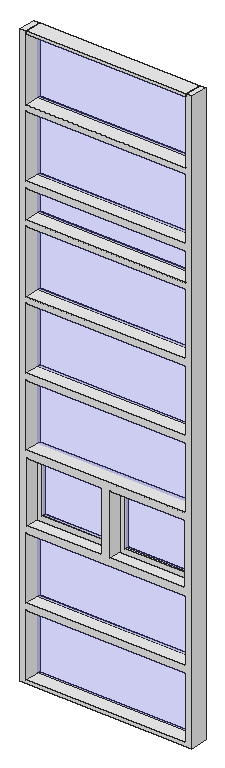
Revit family
Parameters
  창 패널 = ACW1 창 패널
  창 프레임 = ACW1 창 프레임
  Rough Height = 500 mm
  높이 1 = 2 * 절반  # 600 mm
  Height = 5100 mm
  절반 = Height / 17  # 300 mm
  기본 씰 높이 = 0 mm
  Wall Closure = (empty or 0)
  Width = 1500 mm
  창 두께 = 150 mm
Reference planes
  plane 1: y = 0
  plane 2 "중심(왼쪽/오른쪽)": x = 0
  plane 3 "왼쪽": x = -750
  plane 4 "오른쪽": x = 750
  plane 5 "씰": z = 0
  plane 6 "외부": y = 100
  plane 7 "내부": y = -100
  plane 8: z = 4500
  plane 9: z = 3900
  plane 10: z = 3600
  plane 11: z = 3000
  plane 12: z = 2400
  plane 13: z = 1800
  plane 14: z = 1200
  plane 15: z = 600
  plane 16: y = -75
  plane 17: y = 75
  plane 18: y = 66
  plane 19: y = 44
  plane 20: y = 35
  plane 21: x = -700
  plane 22: x = 700
  plane 23: z = 575
  plane 24: z = 625
  plane 25: z = 1175
  plane 26: z = 1225
  plane 27: z = 1775
  plane 28: z = 1825
  plane 29: z = 2375
  plane 30: z = 2425
  plane 31: z = 3025
  plane 32: z = 2975
  plane 33: z = 3575
  plane 34: z = 3625
  plane 35: z = 3875
  plane 36: z = 3925
  plane 37: z = 4475
  plane 38: z = 4525
  plane 39: z = 25
  plane 40: z = 5075
  plane 41: x = -25
  plane 42: x = 25
  plane 43: x = 362.5
  plane 44: x = -362.5
  plane 45: z = 5100
Forms (mm)
  Extrusion 1, solid, material "ACW1 창 프레임" <- "창 프레임"
    sketch origin (-2165.69, 265, 1175) x (0, 1, 0) y (1, 0, 0)
      loop
        line (-190, 2865.69) -> (-340, 2865.69) -> (-340, 1465.69) -> (-190, 1465.69) -> (-190, 2865.69)
    from 0 to -50
  Extrusion 2, solid, material "ACW1 창 프레임" <- "창 프레임"
    sketch origin (-2165.69, 265, 575) x (0, 1, 0) y (1, 0, 0)
      loop
        line (-190, 2865.69) -> (-340, 2865.69) -> (-340, 1465.69) -> (-190, 1465.69) -> (-190, 2865.69)
    from 0 to -50
  Extrusion 3, solid, material "ACW1 창 프레임" <- "창 프레임"
    sketch origin (-2165.69, 265, 1775) x (0, 1, 0) y (1, 0, 0)
      loop
        line (-190, 2865.69) -> (-340, 2865.69) -> (-340, 1465.69) -> (-190, 1465.69) -> (-190, 2865.69)
    from 0 to -50
  Extrusion 4, solid, material "ACW1 창 프레임" <- "창 프레임"
    sketch origin (-2165.69, 265, 2375) x (0, 1, 0) y (1, 0, 0)
      loop
        line (-190, 2865.69) -> (-340, 2865.69) -> (-340, 1465.69) -> (-190, 1465.69) -> (-190, 2865.69)
    from 0 to -50
  Extrusion 5, solid, material "ACW1 창 프레임" <- "창 프레임"
    sketch origin (-2165.69, 265, 2975) x (0, 1, 0) y (1, 0, 0)
      loop
        line (-190, 2865.69) -> (-340, 2865.69) -> (-340, 1465.69) -> (-190, 1465.69) -> (-190, 2865.69)
    from 0 to -50
  Extrusion 6, solid, material "ACW1 창 프레임" <- "창 프레임"
    sketch origin (-2165.69, 265, 3575) x (0, 1, 0) y (1, 0, 0)
      loop
        line (-190, 2865.69) -> (-340, 2865.69) -> (-340, 1465.69) -> (-190, 1465.69) -> (-190, 2865.69)
    from 0 to -50
  Extrusion 7, solid, material "ACW1 창 프레임" <- "창 프레임"
    sketch origin (-2165.69, 265, 3875) x (0, 1, 0) y (1, 0, 0)
      loop
        line (-190, 2865.69) -> (-340, 2865.69) -> (-340, 1465.69) -> (-190, 1465.69) -> (-190, 2865.69)
    from 0 to -50
  Extrusion 8, solid, material "ACW1 창 프레임" <- "창 프레임"
    sketch origin (-2165.69, 265, 4475) x (0, 1, 0) y (1, 0, 0)
      loop
        line (-190, 2865.69) -> (-340, 2865.69) -> (-340, 1465.69) -> (-190, 1465.69) -> (-190, 2865.69)
    from 0 to -50
  Extrusion 9, solid, material "ACW1 창 패널" <- "창 패널"
    sketch origin (0, 0, 0) x (1, 0, 0) y (0, 1, 0)
      loop
        line (-700, 66) -> (-700, 44) -> (700, 44) -> (700, 66) -> (-700, 66)
    from 25 to 575
  Extrusion 10, solid, material "ACW1 창 패널" <- "창 패널"
    sketch origin (0, 0, 575) x (1, 0, 0) y (0, 1, 0)
      loop
        line (-700, 66) -> (-700, 44) -> (700, 44) -> (700, 66) -> (-700, 66)
    from 50 to 600
  Extrusion 11, solid, material "ACW1 창 패널" <- "창 패널"
    sketch origin (0, 0, 1775) x (1, 0, 0) y (0, 1, 0)
      loop
        line (-700, 66) -> (-700, 44) -> (700, 44) -> (700, 66) -> (-700, 66)
    from 0 to 600
  Extrusion 12, solid, material "ACW1 창 패널" <- "창 패널"
    sketch origin (0, 0, 2375) x (1, 0, 0) y (0, 1, 0)
      loop
        line (-700, 66) -> (-700, 44) -> (700, 44) -> (700, 66) -> (-700, 66)
    from 50 to 600
  Extrusion 13, solid, material "ACW1 창 패널" <- "창 패널"
    sketch origin (0, 0, 2975) x (1, 0, 0) y (0, 1, 0)
      loop
        line (-700, 66) -> (-700, 44) -> (700, 44) -> (700, 66) -> (-700, 66)
    from 50 to 600
  Extrusion 14, solid, material "ACW1 창 패널" <- "창 패널"
    sketch origin (0, 0, 3575) x (1, 0, 0) y (0, 1, 0)
      loop
        line (-700, 66) -> (-700, 44) -> (700, 44) -> (700, 66) -> (-700, 66)
    from 50 to 300
  Extrusion 15, solid, material "ACW1 창 패널" <- "창 패널"
    sketch origin (0, 0, 3875) x (1, 0, 0) y (0, 1, 0)
      loop
        line (-700, 66) -> (-700, 44) -> (700, 44) -> (700, 66) -> (-700, 66)
    from 50 to 600
  Extrusion 16, solid, material "ACW1 창 패널" <- "창 패널"
    sketch origin (0, 0, 4475) x (1, 0, 0) y (0, 1, 0)
      loop
        line (-700, 66) -> (-700, 44) -> (700, 44) -> (700, 66) -> (-700, 66)
    from 50 to 600
  Extrusion 17, solid, material "ACW1 창 프레임" <- "창 프레임"
    sketch origin (0, 0, 0) x (1, 0, 0) y (0, 1, 0)
      loop
        line (-750, 75) -> (-750, -75) -> (-700, -75) -> (-700, 75) -> (-750, 75)
      loop
        line (700, 75) -> (700, -75) -> (750, -75) -> (750, 75) -> (700, 75)
    from 0 to 5100
  Extrusion 18, solid, material "ACW1 창 프레임" <- "창 프레임"
    sketch origin (-2165.69, 265, 0) x (0, 1, 0) y (1, 0, 0)
      loop
        line (-190, 2865.69) -> (-340, 2865.69) -> (-340, 1465.69) -> (-190, 1465.69) -> (-190, 2865.69)
    from 0 to -25
  Extrusion 19, solid, material "ACW1 창 프레임" <- "창 프레임"
    sketch origin (-2165.69, 265, 5050) x (0, 1, 0) y (1, 0, 0)
      loop
        line (-190, 2865.69) -> (-340, 2865.69) -> (-340, 1465.69) -> (-190, 1465.69) -> (-190, 2865.69)
    from -25 to -50
  Extrusion 20, solid, material "ACW1 창 프레임" <- "창 프레임"
    sketch origin (-2165.69, 265, 1225) x (0, 1, 0) y (1, 0, 0)
      loop
        line (-190, 2140.69) -> (-190, 2190.69) -> (-340, 2190.69) -> (-340, 2140.69) -> (-190, 2140.69)
    from 0 to -550
  Sweep 21, solid, material "ACW1 창 프레임" <- "창 프레임"
    path origin (-700, 75, 0) x (1, 0, 0) y (0, 0, -1)
      loop
        line (675, -1775) -> (675, -1225) -> (0, -1225) -> (0, -1775) -> (675, -1775)
    profile origin (-362.5, 75, 1775) x (0, 0, 1) y (0, 1, 0)
      loop
        line (0, 0) -> (-50, 0) -> (-50, -40) -> (0, -40) -> (0, 0)
  Sweep 22, solid, material "ACW1 창 프레임" <- "창 프레임"
    path origin (-700, 75, 0) x (1, 0, 0) y (0, 0, -1)
      loop
        line (1400, -1775) -> (1400, -1225) -> (725, -1225) -> (725, -1775) -> (1400, -1775)
    profile origin (362.5, 75, 1775) x (0, 0, 1) y (0, 1, 0)
      loop
        line (0, 0) -> (-50, 0) -> (-50, -40) -> (0, -40) -> (0, 0)
  Extrusion 23, solid, material "ACW1 창 패널" <- "창 패널"
    sketch origin (-2165.69, 265, 1225) x (0, 1, 0) y (1, 0, 0)
      loop
        line (-199, 1515.69) -> (-199, 2090.69) -> (-221, 2090.69) -> (-221, 1515.69) -> (-199, 1515.69)
      loop
        line (-199, 2240.69) -> (-199, 2815.69) -> (-221, 2815.69) -> (-221, 2240.69) -> (-199, 2240.69)
    from -50 to -500
  Sweep 24, solid, material "ACW1 창 프레임" <- "창 프레임"
    path origin (-25, 35, 1775) x (-1, 0, 0) y (0, 0, -1)
      loop
        line (0, 0) -> (675, 0) -> (675, 550) -> (0, 550) -> (0, 0)
    profile origin (-362.5, 35, 1775) x (0, 0, -1) y (0, -1, 0)
      loop
        line (0, 0) -> (10, 0) -> (10, 110) -> (0, 110) -> (0, 0)
  Sweep 25, solid, material "ACW1 창 프레임" <- "창 프레임"
    path origin (-25, 35, 1775) x (-1, 0, 0) y (0, 0, -1)
      loop
        line (-725, 0) -> (-50, 0) -> (-50, 550) -> (-725, 550) -> (-725, 0)
    profile origin (362.5, 35, 1775) x (0, 0, -1) y (0, -1, 0)
      loop
        line (0, 0) -> (10, 0) -> (10, 110) -> (0, 110) -> (0, 0)
Cuts and joins
  joined: Extrusion 1, Extrusion 2, Extrusion 3, Extrusion 4, Extrusion 5, Extrusion 6, Extrusion 7, Extrusion 8, Extrusion 17, Extrusion 18, Extrusion 20, Sweep 24, Sweep 25
Lines and regions (mm)
  Opening 1
    outline origin (3500, -100, 0) x (1, 0, 0) y (0, 0, 1)
      loop
        line (-2750, 0) -> (-2750, 5100) -> (-4250, 5100) -> (-4250, 0) -> (-2750, 0)
  symbolic lines, style "입면도 스윙"
    curve 1: line (700, 35, 1225) -> (362.5, 35, 1775)
    curve 2: line (362.5, 35, 1775) -> (25, 35, 1225)
    curve 3: line (-25, 35, 1225) -> (-362.5, 35, 1775)
    curve 4: line (-362.5, 35, 1775) -> (-700, 35, 1225)
Text (mm)
  text "외부" at (-1963.203, 1332.353, 0), in view "참조 레벨"
  text "내부" at (-1981.466, -818.386, 0), in view "참조 레벨"
  text "외부" at (0, 923.751, 2943.296), in view "오른쪽"
  text "외부" at (0, 1040.484, 2685.409), in view "왼쪽"
Dimensions and locks
  equal spacing: plane 3 "왼쪽", plane 2 "중심(왼쪽/오른쪽)", plane 4 "오른쪽"
  "Width": plane 3 "왼쪽" to plane 4 "오른쪽"
  "기본 씰 높이": plane 5 "씰" to level
  locked: plane 6 "외부" to host wall at 0
  locked: plane 7 "내부" to host wall
  "창 두께": plane 17 to plane 16
  equal spacing: plane 17, plane 1, plane 16
  plane 17 to plane 18 to plane 19 to plane 20 = 9 mm locked, 22 mm locked, 9 mm locked
  locked: plane 3 "왼쪽" to plane 21 at 50
  locked: plane 22 to plane 4 "오른쪽" at 50
  plane 41 to plane 2 "중심(왼쪽/오른쪽)" to plane 42 = 25 mm locked, 25 mm locked
  locked: cut or joined group 1 (Extrusion 1, Extrusion 2, Extrusion 3, Extrusion 4, Extrusion 5, Extrusion 6, Extrusion 7, Extrusion 8, Extrusion 17, Extrusion 18, Extrusion 20, Sweep 24, Sweep 25) to Sweep 21 sketch curve at 50
  equal spacing: plane 42, plane 43, plane 22
  equal spacing: plane 41, plane 44, plane 21
  locked: plane 5 "씰" to plane 39 at 25
  "높이 1": plane 5 "씰" to plane 15
  plane 23 to plane 15 to plane 24 = 25 mm locked, 25 mm locked
  "Height": plane 5 "씰" to plane 45
  locked: plane 40 to plane 45 at 25
  plane 25 to plane 14 to plane 26 = 25 mm locked, 25 mm locked
  "높이 1": plane 15 to plane 14
  "높이 1": plane 14 to plane 13
  plane 27 to plane 13 to plane 28 = 25 mm locked, 25 mm locked
  plane 29 to plane 12 to plane 30 = 25 mm locked, 25 mm locked
  "높이 1": plane 13 to plane 12
  "높이 1": plane 12 to plane 11
  plane 32 to plane 11 to plane 31 = 25 mm locked, 25 mm locked
  "높이 1": plane 11 to plane 10
  plane 33 to plane 10 to plane 34 = 25 mm locked, 25 mm locked
  plane 35 to plane 9 to plane 36 = 25 mm locked, 25 mm locked
  "절반": plane 10 to plane 9
  "높이 1": plane 9 to plane 8
  plane 37 to plane 8 to plane 38 = 25 mm locked, 25 mm locked
  aligned and locked: Extrusion 9 to plane 23
  aligned and locked: Extrusion 10 to plane 25
  aligned and locked: plane 3 "왼쪽" to Extrusion 17 sketch curve
  aligned and locked: Extrusion 17 sketch curve to plane 17
  aligned and locked: plane 16 to Extrusion 17 sketch curve
  aligned and locked: plane 4 "오른쪽" to Extrusion 17 sketch curve
  aligned and locked: Extrusion 17 to host wall
  aligned and locked: Extrusion 19 to host wall
  aligned and locked: plane 40 to Extrusion 19
  aligned and locked: Extrusion 9 to plane 39
  aligned and locked: plane 41 to Extrusion 20 sketch curve
  aligned and locked: plane 17 to Extrusion 20 sketch curve
  aligned and locked: plane 16 to Extrusion 20 sketch curve
  aligned and locked: plane 42 to Extrusion 20 sketch curve
  aligned and locked: Extrusion 20 to plane 27
  aligned and locked: Sweep 21 sketch curve to Extrusion 20
  aligned and locked: Extrusion 20 to Sweep 21 sketch curve
  aligned and locked: cut or joined group 1 to Sweep 21 sketch curve  (x2)
  aligned and locked: Sweep 21 sketch curve to cut or joined group 1
  aligned and locked: Sweep 22 sketch curve to cut or joined group 1  (x3)
  aligned and locked: Sweep 22 sketch curve to Sweep 21  (x2)
  aligned and locked: Extrusion 23 sketch curve to Sweep 21  (x2)
  aligned and locked: plane 18 to Extrusion 23 sketch curve  (x2)
  aligned and locked: plane 19 to Extrusion 23 sketch curve  (x2)
  aligned and locked: Extrusion 23 sketch curve to Sweep 22  (x2)
  aligned and locked: Sweep 21 to Extrusion 23
  aligned and locked: Extrusion 23 to Sweep 21
  aligned and locked: Sweep 25 sketch curve to Sweep 22
  aligned and locked: plane 22 to Sweep 22 sketch curve
  aligned and locked: Extrusion 17 sketch curve to plane 22
  aligned and locked: Sweep 22 sketch curve to plane 26
  aligned and locked: plane 27 to Sweep 22 sketch curve
  aligned and locked: plane 21 to Extrusion 17 sketch curve
  aligned and locked: plane 22 to curve 1
  aligned and locked: plane 42 to curve 2
  aligned and locked: plane 41 to curve 3
  aligned and locked: plane 44 to curve 3
  aligned and locked: plane 21 to curve 4
  aligned and locked: Extrusion 16 to plane 40
  aligned and locked: plane 5 "씰" to cut or joined group 1  (x2)
  aligned and locked: cut or joined group 1 to plane 24
  aligned and locked: plane 23 to cut or joined group 1
  aligned and locked: plane 24 to Extrusion 10
  aligned and locked: plane 45 to host wall
  aligned and locked: plane 39 to cut or joined group 1
  aligned and locked: cut or joined group 1 to plane 26
  aligned and locked: plane 25 to cut or joined group 1
  aligned and locked: cut or joined group 1 to plane 28
  aligned and locked: plane 27 to Extrusion 11
  aligned and locked: plane 27 to cut or joined group 1
  aligned and locked: cut or joined group 1 to plane 30
  aligned and locked: plane 30 to Extrusion 12
  aligned and locked: plane 29 to cut or joined group 1
  aligned and locked: Extrusion 11 to plane 29
  aligned and locked: cut or joined group 1 to plane 31
  aligned and locked: plane 31 to Extrusion 13
  aligned and locked: plane 32 to cut or joined group 1
  aligned and locked: Extrusion 12 to plane 32
  aligned and locked: cut or joined group 1 to plane 34
  aligned and locked: plane 34 to Extrusion 14
  aligned and locked: plane 33 to cut or joined group 1
  aligned and locked: Extrusion 13 to plane 33
  aligned and locked: cut or joined group 1 to plane 36
  aligned and locked: plane 36 to Extrusion 15
  aligned and locked: plane 35 to cut or joined group 1
  aligned and locked: Extrusion 14 to plane 35
  aligned and locked: cut or joined group 1 to plane 38
  aligned and locked: plane 38 to Extrusion 16
  aligned and locked: plane 37 to cut or joined group 1
  aligned and locked: Extrusion 15 to plane 37
  aligned and locked: plane 5 "씰" to Opening 1 sketch curve
Automatic sketch dimensions
  Opening 1 sketch curve to plane 3 "왼쪽" = 0 mm
  Opening 1 sketch curve to plane 4 "오른쪽" = 0 mm
  Extrusion 1 sketch curve to plane 16 = 0 mm
  Extrusion 1 sketch curve to plane 17 = 0 mm
  Extrusion 1 sketch curve to plane 22 = 0 mm
  Extrusion 1 sketch curve to plane 21 = 0 mm
  Extrusion 2 sketch curve to plane 16 = 0 mm
  Extrusion 2 sketch curve to plane 17 = 0 mm
  Extrusion 2 sketch curve to plane 22 = 0 mm
  Extrusion 2 sketch curve to plane 21 = 0 mm
  Extrusion 3 sketch curve to plane 16 = 0 mm
  Extrusion 3 sketch curve to plane 17 = 0 mm
  Extrusion 3 sketch curve to plane 22 = 0 mm
  Extrusion 3 sketch curve to plane 21 = 0 mm
  Extrusion 4 sketch curve to plane 16 = 0 mm
  Extrusion 4 sketch curve to plane 17 = 0 mm
  Extrusion 4 sketch curve to plane 22 = 0 mm
  Extrusion 4 sketch curve to plane 21 = 0 mm
  Extrusion 5 sketch curve to plane 16 = 0 mm
  Extrusion 5 sketch curve to plane 17 = 0 mm
  Extrusion 5 sketch curve to plane 22 = 0 mm
  Extrusion 5 sketch curve to plane 21 = 0 mm
  Extrusion 6 sketch curve to plane 16 = 0 mm
  Extrusion 6 sketch curve to plane 17 = 0 mm
  Extrusion 6 sketch curve to plane 22 = 0 mm
  Extrusion 6 sketch curve to plane 21 = 0 mm
  Extrusion 7 sketch curve to plane 16 = 0 mm
  Extrusion 7 sketch curve to plane 17 = 0 mm
  Extrusion 7 sketch curve to plane 22 = 0 mm
  Extrusion 7 sketch curve to plane 21 = 0 mm
  Extrusion 8 sketch curve to plane 16 = 0 mm
  Extrusion 8 sketch curve to plane 17 = 0 mm
  Extrusion 8 sketch curve to plane 22 = 0 mm
  Extrusion 8 sketch curve to plane 21 = 0 mm
  Extrusion 9 sketch curve to plane 19 = 0 mm
  Extrusion 9 sketch curve to plane 21 = 0 mm
  Extrusion 9 sketch curve to plane 22 = 0 mm
  Extrusion 9 sketch curve to plane 18 = 0 mm
  Extrusion 10 sketch curve to plane 19 = 0 mm
  Extrusion 10 sketch curve to plane 21 = 0 mm
  Extrusion 10 sketch curve to plane 22 = 0 mm
  Extrusion 10 sketch curve to plane 18 = 0 mm
  Extrusion 11 sketch curve to plane 19 = 0 mm
  Extrusion 11 sketch curve to plane 21 = 0 mm
  Extrusion 11 sketch curve to plane 22 = 0 mm
  Extrusion 11 sketch curve to plane 18 = 0 mm
  Extrusion 12 sketch curve to plane 19 = 0 mm
  Extrusion 12 sketch curve to plane 21 = 0 mm
  Extrusion 12 sketch curve to plane 22 = 0 mm
  Extrusion 12 sketch curve to plane 18 = 0 mm
  Extrusion 13 sketch curve to plane 19 = 0 mm
  Extrusion 13 sketch curve to plane 21 = 0 mm
  Extrusion 13 sketch curve to plane 22 = 0 mm
  Extrusion 13 sketch curve to plane 18 = 0 mm
  Extrusion 14 sketch curve to plane 19 = 0 mm
  Extrusion 14 sketch curve to plane 21 = 0 mm
  Extrusion 14 sketch curve to plane 22 = 0 mm
  Extrusion 14 sketch curve to plane 18 = 0 mm
  Extrusion 15 sketch curve to plane 19 = 0 mm
  Extrusion 15 sketch curve to plane 21 = 0 mm
  Extrusion 15 sketch curve to plane 22 = 0 mm
  Extrusion 15 sketch curve to plane 18 = 0 mm
  Extrusion 16 sketch curve to plane 19 = 0 mm
  Extrusion 16 sketch curve to plane 21 = 0 mm
  Extrusion 16 sketch curve to plane 22 = 0 mm
  Extrusion 16 sketch curve to plane 18 = 0 mm
  Extrusion 18 sketch curve to plane 16 = 0 mm
  Extrusion 18 sketch curve to plane 17 = 0 mm
  Extrusion 18 sketch curve to plane 22 = 0 mm
  Extrusion 18 sketch curve to plane 21 = 0 mm
  Extrusion 19 sketch curve to plane 16 = 0 mm
  Extrusion 19 sketch curve to plane 17 = 0 mm
  Extrusion 19 sketch curve to plane 22 = 0 mm
  Extrusion 19 sketch curve to plane 21 = 0 mm
  Sweep 21 sketch curve to profile plane = 0 mm
  Sweep 21 sketch curve to profile plane = 40 mm
  Sweep 24 sketch curve to Sweep 21 = 0 mm  (x4)
  Sweep 24 sketch curve to profile plane = 0 mm  (x2)
  Sweep 24 sketch curve to profile plane = 10 mm
  profile plane to Sweep 24 sketch curve = 110 mm
  Sweep 25 sketch curve to Sweep 21 = 0 mm  (x2)
  Sweep 25 sketch curve to Sweep 21 = 50 mm
  Sweep 25 sketch curve to profile plane = 0 mm  (x2)
  Sweep 25 sketch curve to profile plane = 10 mm
  profile plane to Sweep 25 sketch curve = 110 mm
  Extrusion 17 sketch curve to plane 16 = 0 mm
  Extrusion 17 sketch curve to plane 17 = 0 mm
  curve 1 to Sweep 21 = 0 mm  (x2)
  curve 3 to Sweep 21 = 0 mm  (x2)
  curve 2 to Sweep 21 = 0 mm
  curve 4 to Sweep 21 = 0 mm
  curve 2 to Sweep 21 = 387.5 mm
  Opening 1 sketch curve to plane 40 = 25 mm
